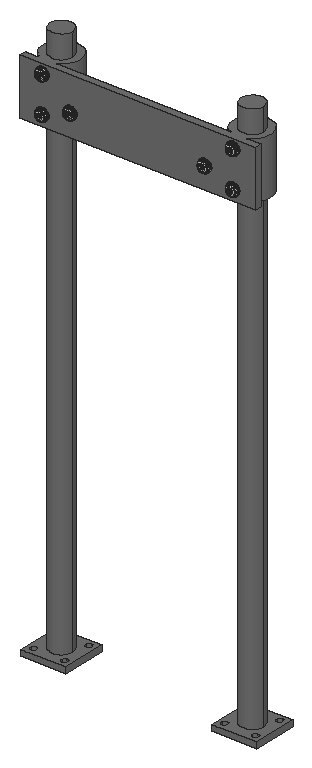
Revit family
Parameters (values of type "0800")
  Warranty = "1 year material and workmanship"
  Upright Spacing [instance] = 17"
  Weight (lb) = 0
  URL = "http://JRSmith.com"
  Technical and Installation = "http://www.jrsmith.com/products/lav/techdata/td_index.htm"
  SmartBIM Object Version = 3  # constant formula
  SmartBIM Object Created By = "Reed Construction Data"  # constant formula
  Product URL = "http://www.jrsmith.com/products/lav/submittal/d0800b.pdf"
  OmniClass Title = "Commercial Lavatories and Sinks"
  OmniClass Code = "22-22 42 16"
  Model = "0800"
  Max. Static Load = ""
  Material Finish = "Cast Iron"  # constant formula
  Material = "Duco Coated"  # constant formula
  Manufacturer = "Jay R. Smith Mfg. Co. "
  Description = "Pro-Set Lavatory, Fountain and Electric Water Cooler Supports - Floor Mounted"
  Connection Type = ""
  Bolts = Stainless Steel Polished Brushed
  Back Panel Visibility = no
  Hanger Height [instance] = 45"
  Default Elevation = 48"
  Assembly Code = "D2010310"
  95 CSI = ""
  04 CSI = ""
Reference planes (in)
  plane 1: z = 0
  plane 2 "Center (Left/Right)": x = -27.5
  plane 3 "Center (Front/Back)": y = 10.375
  plane 4: x = -19
  plane 5: x = -36
  plane 6: y = 8.375
  plane 7: y = 12.375
  plane 8: z = 0.5
  plane 9: z = 50
  plane 10: z = 45.5
  plane 11: y = 8.875
  plane 12: x = -17
  plane 13: x = -38
  plane 14: y = 8.25
  plane 15: x = -27.5
  plane 16: x = -21.5
  plane 17: x = -33.5
  plane 18: z = 43
  plane 19: y = 11.875
Forms (in)
  Extrusion 1, solid, material "Duco Coated"
    sketch origin (0, 0, 0.78125) x (1, 0, 0) y (0, 1, 0)
      loop
        line (-38, 12.375) -> (-38, 8.375) -> (-34, 8.375) -> (-34, 12.375) -> (-38, 12.375)
      loop
        circle (-34.625, 11.75) r 0.28125
      loop
        line (-17, 12.375) -> (-21, 12.375) -> (-21, 8.375) -> (-17, 8.375) -> (-17, 12.375)
      loop
        circle (-37.375, 11.75) r 0.28125
      loop
        circle (-34.625, 9) r 0.28125
      loop
        circle (-37.375, 9) r 0.28125
      loop
        circle (-20.375, 11.75) r 0.28125
      loop
        circle (-17.625, 11.75) r 0.28125
      loop
        circle (-20.375, 9) r 0.28125
      loop
        circle (-17.625, 9) r 0.28125
    from -0.78125 to -0.28125
  Extrusion 2, solid, material "Duco Coated"
    sketch origin (0, 0, 0.5) x (1, 0, 0) y (0, 1, 0)
      loop
        circle (-36, 10.375) r 1
      loop
        circle (-19, 10.375) r 1
    from 0 to 49.5
  Extrusion 3, solid, material "Duco Coated"
    sketch origin (-0.22187, 8.875, 17.125) x (1, 0, 0) y (0, 0, 1)
      loop
        line (-37.77813, 25.875) -> (-16.77813, 25.875) -> (-16.77813, 30.875) -> (-37.77813, 30.875) -> (-37.77813, 25.875)
    from 0 to 0.625
  Revolve 4, solid, material "Stainless Steel Polished Brushed" <- "Bolts"
    sketch origin (-36, -4, 18.0625) x (0, 1, 0) y (0, 0, 1)
      loop
        line (11.74434, 29.1875) -> (12.875, 29.1875) -> (12.875, 29.4375) -> (12.25011, 29.4375) -> (12.25011, 29.7488)
        arc (12.25011, 29.7488) -> (12.22907, 29.74835) -> (12.20807, 29.74702) r 0.49939
        arc (12.20807, 29.74702) -> (12.191, 29.74528) -> (12.174, 29.74296) r 0.49939
        arc (12.174, 29.74296) -> (12.1506, 29.73876) -> (12.12743, 29.73346) r 0.49938
        arc (12.12743, 29.73346) -> (12.1102, 29.72875) -> (12.09315, 29.72343) r 0.49937
        arc (12.09315, 29.72343) -> (12.07528, 29.71711) -> (12.05766, 29.71012) r 0.49936
        arc (12.05766, 29.71012) -> (12.02347, 29.69424) -> (11.99058, 29.67581) r 0.49932
        arc (11.99058, 29.67581) -> (11.96506, 29.65912) -> (11.94061, 29.64091) r 0.49928
        arc (11.94061, 29.64091) -> (11.91767, 29.62153) -> (11.89593, 29.60081) r 0.49923
        arc (11.89593, 29.60081) -> (11.8615, 29.56205) -> (11.83128, 29.51992) r 0.49914
        arc (11.83128, 29.51992) -> (11.80942, 29.48237) -> (11.79092, 29.44306) r 0.49907
        arc (11.79092, 29.44306) -> (11.7813, 29.4184) -> (11.773, 29.39327) r 0.49907
        arc (11.773, 29.39327) -> (11.76496, 29.36403) -> (11.75871, 29.33436) r 0.49932
        arc (11.75871, 29.33436) -> (11.75233, 29.29542) -> (11.74903, 29.2561) r 0.50033
        arc (11.74903, 29.2561) -> (11.74552, 29.22188) -> (11.74434, 29.1875) r 0.50389
      axis (12.875, 29.1875) -> (11.74434, 29.1875)
    angle from 0 to 360
  Revolve 5, solid, material "Stainless Steel Polished Brushed" <- "Bolts"
    sketch origin (-36, -4, 17.125) x (0, 1, 0) y (0, 0, 1)
      loop
        arc (11.74434, 26.875) -> (11.74552, 26.84062) -> (11.74903, 26.8064) r 0.50389
        arc (11.74903, 26.8064) -> (11.75233, 26.76708) -> (11.75871, 26.72814) r 0.50033
        arc (11.75871, 26.72814) -> (11.76496, 26.69847) -> (11.773, 26.66923) r 0.49932
        arc (11.773, 26.66923) -> (11.7813, 26.6441) -> (11.79092, 26.61944) r 0.49907
        arc (11.79092, 26.61944) -> (11.80942, 26.58013) -> (11.83128, 26.54258) r 0.49907
        arc (11.83128, 26.54258) -> (11.8615, 26.50045) -> (11.89593, 26.46169) r 0.49914
        arc (11.89593, 26.46169) -> (11.91767, 26.44097) -> (11.94061, 26.42159) r 0.49923
        arc (11.94061, 26.42159) -> (11.96506, 26.40338) -> (11.99058, 26.38669) r 0.49928
        arc (11.99058, 26.38669) -> (12.02347, 26.36826) -> (12.05766, 26.35238) r 0.49932
        arc (12.05766, 26.35238) -> (12.07528, 26.34539) -> (12.09315, 26.33907) r 0.49936
        arc (12.09315, 26.33907) -> (12.1102, 26.33375) -> (12.12743, 26.32904) r 0.49937
        arc (12.12743, 26.32904) -> (12.1506, 26.32374) -> (12.174, 26.31954) r 0.49938
        arc (12.174, 26.31954) -> (12.191, 26.31722) -> (12.20807, 26.31548) r 0.49939
        arc (12.20807, 26.31548) -> (12.22907, 26.31415) -> (12.25011, 26.3137) r 0.49939
        line (12.25011, 26.3137) -> (12.25011, 26.625) -> (12.875, 26.625) -> (12.875, 26.875) -> (11.74434, 26.875)
      axis (12.875, 26.875) -> (11.74434, 26.875)
    angle from 0 to 360
  Revolve 6, solid, material "Stainless Steel Polished Brushed" <- "Bolts"
    sketch origin (-19, -4, 17.0625) x (0, 1, 0) y (0, 0, 1)
      loop
        line (11.74434, 30.18529) -> (12.875, 30.18529) -> (12.875, 30.43529) -> (12.25011, 30.43529) -> (12.25011, 30.74659)
        arc (12.25011, 30.74659) -> (12.22907, 30.74615) -> (12.20807, 30.74482) r 0.49939
        arc (12.20807, 30.74482) -> (12.191, 30.74308) -> (12.174, 30.74075) r 0.49939
        arc (12.174, 30.74075) -> (12.1506, 30.73656) -> (12.12743, 30.73126) r 0.49938
        arc (12.12743, 30.73126) -> (12.1102, 30.72655) -> (12.09315, 30.72123) r 0.49937
        arc (12.09315, 30.72123) -> (12.07528, 30.71491) -> (12.05766, 30.70792) r 0.49936
        arc (12.05766, 30.70792) -> (12.02347, 30.69203) -> (11.99058, 30.67361) r 0.49932
        arc (11.99058, 30.67361) -> (11.96506, 30.65692) -> (11.94061, 30.6387) r 0.49928
        arc (11.94061, 30.6387) -> (11.91767, 30.61932) -> (11.89593, 30.5986) r 0.49923
        arc (11.89593, 30.5986) -> (11.8615, 30.55984) -> (11.83128, 30.51772) r 0.49914
        arc (11.83128, 30.51772) -> (11.80942, 30.48017) -> (11.79092, 30.44086) r 0.49907
        arc (11.79092, 30.44086) -> (11.7813, 30.4162) -> (11.773, 30.39106) r 0.49907
        arc (11.773, 30.39106) -> (11.76496, 30.36182) -> (11.75871, 30.33215) r 0.49932
        arc (11.75871, 30.33215) -> (11.75233, 30.29322) -> (11.74903, 30.2539) r 0.50033
        arc (11.74903, 30.2539) -> (11.74552, 30.21968) -> (11.74434, 30.18529) r 0.50389
      axis (12.875, 30.18529) -> (11.74434, 30.18529)
    angle from 0 to 360
  Revolve 7, solid, material "Stainless Steel Polished Brushed" <- "Bolts"
    sketch origin (-19, -4, 17.375) x (0, 1, 0) y (0, 0, 1)
      loop
        arc (11.74434, 26.625) -> (11.74552, 26.59062) -> (11.74903, 26.5564) r 0.50389
        arc (11.74903, 26.5564) -> (11.75233, 26.51708) -> (11.75871, 26.47814) r 0.50033
        arc (11.75871, 26.47814) -> (11.76496, 26.44847) -> (11.773, 26.41923) r 0.49932
        arc (11.773, 26.41923) -> (11.7813, 26.3941) -> (11.79092, 26.36944) r 0.49907
        arc (11.79092, 26.36944) -> (11.80942, 26.33013) -> (11.83128, 26.29258) r 0.49907
        arc (11.83128, 26.29258) -> (11.8615, 26.25045) -> (11.89593, 26.21169) r 0.49914
        arc (11.89593, 26.21169) -> (11.91767, 26.19097) -> (11.94061, 26.17159) r 0.49923
        arc (11.94061, 26.17159) -> (11.96506, 26.15338) -> (11.99058, 26.13669) r 0.49928
        arc (11.99058, 26.13669) -> (12.02347, 26.11826) -> (12.05766, 26.10238) r 0.49932
        arc (12.05766, 26.10238) -> (12.07528, 26.09539) -> (12.09315, 26.08907) r 0.49936
        arc (12.09315, 26.08907) -> (12.1102, 26.08375) -> (12.12743, 26.07904) r 0.49937
        arc (12.12743, 26.07904) -> (12.1506, 26.07374) -> (12.174, 26.06954) r 0.49938
        arc (12.174, 26.06954) -> (12.191, 26.06722) -> (12.20807, 26.06548) r 0.49939
        arc (12.20807, 26.06548) -> (12.22907, 26.06415) -> (12.25011, 26.0637) r 0.49939
        line (12.25011, 26.0637) -> (12.25011, 26.375) -> (12.875, 26.375) -> (12.875, 26.625) -> (11.74434, 26.625)
      axis (12.875, 26.625) -> (11.74434, 26.625)
    angle from 0 to 360
  Revolve 8, solid, material "Stainless Steel Polished Brushed" <- "Bolts"
    sketch origin (-33.5, -180, 75.40244) x (0, 0, 1) y (0, -1, 0)
      loop
        arc (-30.40244, -187.74434) -> (-30.43682, -187.74552) -> (-30.47104, -187.74903) r 0.50389
        arc (-30.47104, -187.74903) -> (-30.51036, -187.75233) -> (-30.5493, -187.75871) r 0.50033
        arc (-30.5493, -187.75871) -> (-30.57897, -187.76496) -> (-30.60821, -187.773) r 0.49932
        arc (-30.60821, -187.773) -> (-30.63334, -187.7813) -> (-30.658, -187.79092) r 0.49907
        arc (-30.658, -187.79092) -> (-30.69731, -187.80942) -> (-30.73486, -187.83128) r 0.49907
        arc (-30.73486, -187.83128) -> (-30.77699, -187.8615) -> (-30.81575, -187.89593) r 0.49914
        arc (-30.81575, -187.89593) -> (-30.83647, -187.91767) -> (-30.85584, -187.94061) r 0.49923
        arc (-30.85584, -187.94061) -> (-30.87406, -187.96506) -> (-30.89075, -187.99058) r 0.49928
        arc (-30.89075, -187.99058) -> (-30.90917, -188.02347) -> (-30.92506, -188.05766) r 0.49932
        arc (-30.92506, -188.05766) -> (-30.93205, -188.07528) -> (-30.93837, -188.09315) r 0.49936
        arc (-30.93837, -188.09315) -> (-30.94369, -188.1102) -> (-30.9484, -188.12743) r 0.49937
        arc (-30.9484, -188.12743) -> (-30.9537, -188.1506) -> (-30.95789, -188.174) r 0.49938
        arc (-30.95789, -188.174) -> (-30.96022, -188.191) -> (-30.96196, -188.20807) r 0.49939
        arc (-30.96196, -188.20807) -> (-30.96329, -188.22907) -> (-30.96374, -188.25011) r 0.49939
        line (-30.96374, -188.25011) -> (-30.65244, -188.25011) -> (-30.65244, -188.875) -> (-30.40244, -188.875) -> (-30.40244, -187.74434)
      axis (-30.40244, -188.875) -> (-30.40244, -187.74434)
    angle from 0 to 360
  Revolve 9, solid, material "Stainless Steel Polished Brushed" <- "Bolts"
    sketch origin (-21.5, -180, 75.40244) x (0, 0, 1) y (0, -1, 0)
      loop
        arc (-30.40244, -187.74434) -> (-30.43682, -187.74552) -> (-30.47104, -187.74903) r 0.50389
        arc (-30.47104, -187.74903) -> (-30.51036, -187.75233) -> (-30.5493, -187.75871) r 0.50033
        arc (-30.5493, -187.75871) -> (-30.57897, -187.76496) -> (-30.60821, -187.773) r 0.49932
        arc (-30.60821, -187.773) -> (-30.63334, -187.7813) -> (-30.658, -187.79092) r 0.49907
        arc (-30.658, -187.79092) -> (-30.69731, -187.80942) -> (-30.73486, -187.83128) r 0.49907
        arc (-30.73486, -187.83128) -> (-30.77699, -187.8615) -> (-30.81575, -187.89593) r 0.49914
        arc (-30.81575, -187.89593) -> (-30.83647, -187.91767) -> (-30.85584, -187.94061) r 0.49923
        arc (-30.85584, -187.94061) -> (-30.87406, -187.96506) -> (-30.89075, -187.99058) r 0.49928
        arc (-30.89075, -187.99058) -> (-30.90917, -188.02347) -> (-30.92506, -188.05766) r 0.49932
        arc (-30.92506, -188.05766) -> (-30.93205, -188.07528) -> (-30.93837, -188.09315) r 0.49936
        arc (-30.93837, -188.09315) -> (-30.94369, -188.1102) -> (-30.9484, -188.12743) r 0.49937
        arc (-30.9484, -188.12743) -> (-30.9537, -188.1506) -> (-30.95789, -188.174) r 0.49938
        arc (-30.95789, -188.174) -> (-30.96022, -188.191) -> (-30.96196, -188.20807) r 0.49939
        arc (-30.96196, -188.20807) -> (-30.96329, -188.22907) -> (-30.96374, -188.25011) r 0.49939
        line (-30.96374, -188.25011) -> (-30.65244, -188.25011) -> (-30.65244, -188.875) -> (-30.40244, -188.875) -> (-30.40244, -187.74434)
      axis (-30.40244, -188.875) -> (-30.40244, -187.74434)
    angle from 0 to 360
  Extrusion 10, solid, material "Duco Coated"
    sketch origin (0, 0, 67.75) x (0, -1, 0) y (-1, 0, 0)
      loop
        line (-8.875, 35.25) -> (-8.875, 36.75)
        arc (-8.875, 36.75) -> (-12.05205, 36) -> (-8.875, 35.25) r 1.67705
      loop
        arc (-10.375, 35) -> (-9.57962, 36) -> (-10.375, 37) r 1.02632
        arc (-10.375, 37) -> (-11.375, 36) -> (-10.375, 35) r 1
    from 19.75 to 24.75
  Extrusion 11, solid, material "Duco Coated"
    sketch origin (-55, 0, 67.75) x (0, 1, 0) y (1, 0, 0)
      loop
        arc (8.875, 35.25) -> (12.05205, 36) -> (8.875, 36.75) r 1.67705
        line (8.875, 36.75) -> (8.875, 35.25)
      loop
        arc (10.375, 37) -> (9.57962, 36) -> (10.375, 35) r 1.02632
        arc (10.375, 35) -> (11.375, 36) -> (10.375, 37) r 1
    from 19.75 to 24.75
  Extrusion 12, solid, material "Duco Coated", visible <- "Back Panel Visibility"
    sketch origin (-0.22187, 11.375, 17.125) x (1, 0, 0) y (0, 0, -1)
      loop
        line (-37.77813, -25.875) -> (-37.77813, -30.875) -> (-16.77813, -30.875) -> (-16.77813, -25.875) -> (-37.77813, -25.875)
    from 0.5 to 1
  Revolve 13, solid, material "Stainless Steel Polished Brushed" <- "Bolts", visible <- "Back Panel Visibility"
    sketch origin (-19, 24.62511, -1.62721) x (0, -1, 0) y (0, 0, -1)
      loop
        arc (11.74434, -48.875) -> (11.74552, -48.90938) -> (11.74903, -48.9436) r 0.50389
        arc (11.74903, -48.9436) -> (11.75233, -48.98292) -> (11.75871, -49.02186) r 0.50033
        arc (11.75871, -49.02186) -> (11.76496, -49.05153) -> (11.773, -49.08077) r 0.49932
        arc (11.773, -49.08077) -> (11.7813, -49.1059) -> (11.79092, -49.13056) r 0.49907
        arc (11.79092, -49.13056) -> (11.80942, -49.16987) -> (11.83128, -49.20742) r 0.49907
        arc (11.83128, -49.20742) -> (11.8615, -49.24955) -> (11.89593, -49.28831) r 0.49914
        arc (11.89593, -49.28831) -> (11.91767, -49.30903) -> (11.94061, -49.32841) r 0.49923
        arc (11.94061, -49.32841) -> (11.96506, -49.34662) -> (11.99058, -49.36331) r 0.49928
        arc (11.99058, -49.36331) -> (12.02347, -49.38174) -> (12.05766, -49.39762) r 0.49932
        arc (12.05766, -49.39762) -> (12.07528, -49.40461) -> (12.09315, -49.41093) r 0.49936
        arc (12.09315, -49.41093) -> (12.1102, -49.41625) -> (12.12743, -49.42096) r 0.49937
        arc (12.12743, -49.42096) -> (12.1506, -49.42626) -> (12.174, -49.43046) r 0.49938
        arc (12.174, -49.43046) -> (12.191, -49.43278) -> (12.20807, -49.43452) r 0.49939
        arc (12.20807, -49.43452) -> (12.22907, -49.43585) -> (12.25011, -49.4363) r 0.49939
        line (12.25011, -49.4363) -> (12.25011, -49.125) -> (12.875, -49.125) -> (12.875, -48.875) -> (11.74434, -48.875)
      axis (12.875, -48.875) -> (11.74434, -48.875)
    angle from 0 to 360
  Revolve 14, solid, material "Stainless Steel Polished Brushed" <- "Bolts", visible <- "Back Panel Visibility"
    sketch origin (-19, 24.625, 0) x (0, -1, 0) y (0, 0, -1)
      loop
        line (11.74434, -44) -> (12.875, -44) -> (12.875, -43.75) -> (12.25011, -43.75) -> (12.25011, -43.4387)
        arc (12.25011, -43.4387) -> (12.22907, -43.43915) -> (12.20807, -43.44048) r 0.49939
        arc (12.20807, -43.44048) -> (12.191, -43.44222) -> (12.174, -43.44454) r 0.49939
        arc (12.174, -43.44454) -> (12.1506, -43.44874) -> (12.12743, -43.45404) r 0.49938
        arc (12.12743, -43.45404) -> (12.1102, -43.45875) -> (12.09315, -43.46407) r 0.49937
        arc (12.09315, -43.46407) -> (12.07528, -43.47039) -> (12.05766, -43.47738) r 0.49936
        arc (12.05766, -43.47738) -> (12.02347, -43.49326) -> (11.99058, -43.51169) r 0.49932
        arc (11.99058, -43.51169) -> (11.96506, -43.52838) -> (11.94061, -43.54659) r 0.49928
        arc (11.94061, -43.54659) -> (11.91767, -43.56597) -> (11.89593, -43.58669) r 0.49923
        arc (11.89593, -43.58669) -> (11.8615, -43.62545) -> (11.83128, -43.66758) r 0.49914
        arc (11.83128, -43.66758) -> (11.80942, -43.70513) -> (11.79092, -43.74444) r 0.49907
        arc (11.79092, -43.74444) -> (11.7813, -43.7691) -> (11.773, -43.79423) r 0.49907
        arc (11.773, -43.79423) -> (11.76496, -43.82347) -> (11.75871, -43.85314) r 0.49932
        arc (11.75871, -43.85314) -> (11.75233, -43.89208) -> (11.74903, -43.9314) r 0.50033
        arc (11.74903, -43.9314) -> (11.74552, -43.96562) -> (11.74434, -44) r 0.50389
      axis (12.875, -44) -> (11.74434, -44)
    angle from 0 to 360
  Revolve 15, solid, material "Stainless Steel Polished Brushed" <- "Bolts", visible <- "Back Panel Visibility"
    sketch origin (-21.5, 200.625, 75.40244) x (0, 0, 1) y (0, -1, 0)
      loop
        line (-29.90244, 187.74434) -> (-29.90244, 188.75) -> (-30.15244, 188.75) -> (-30.15244, 188.25011) -> (-30.46374, 188.25011)
        arc (-30.46374, 188.25011) -> (-30.46329, 188.22907) -> (-30.46196, 188.20807) r 0.49939
        arc (-30.46196, 188.20807) -> (-30.46022, 188.191) -> (-30.45789, 188.174) r 0.49939
        arc (-30.45789, 188.174) -> (-30.4537, 188.1506) -> (-30.4484, 188.12743) r 0.49938
        arc (-30.4484, 188.12743) -> (-30.44369, 188.1102) -> (-30.43837, 188.09315) r 0.49937
        arc (-30.43837, 188.09315) -> (-30.43205, 188.07528) -> (-30.42506, 188.05766) r 0.49936
        arc (-30.42506, 188.05766) -> (-30.40917, 188.02347) -> (-30.39075, 187.99058) r 0.49932
        arc (-30.39075, 187.99058) -> (-30.37406, 187.96506) -> (-30.35584, 187.94061) r 0.49928
        arc (-30.35584, 187.94061) -> (-30.33647, 187.91767) -> (-30.31575, 187.89593) r 0.49923
        arc (-30.31575, 187.89593) -> (-30.27699, 187.8615) -> (-30.23486, 187.83128) r 0.49914
        arc (-30.23486, 187.83128) -> (-30.19731, 187.80942) -> (-30.158, 187.79092) r 0.49907
        arc (-30.158, 187.79092) -> (-30.13334, 187.7813) -> (-30.10821, 187.773) r 0.49907
        arc (-30.10821, 187.773) -> (-30.07897, 187.76496) -> (-30.0493, 187.75871) r 0.49932
        arc (-30.0493, 187.75871) -> (-30.01036, 187.75233) -> (-29.97104, 187.74903) r 0.50033
        arc (-29.97104, 187.74903) -> (-29.93682, 187.74552) -> (-29.90244, 187.74434) r 0.50389
      axis (-29.90244, 188.75) -> (-29.90244, 187.74434)
    angle from 0 to 360
  Revolve 16, solid, material "Stainless Steel Polished Brushed" <- "Bolts", visible <- "Back Panel Visibility"
    sketch origin (-33.5, 200.625, 75.40244) x (0, 0, 1) y (0, -1, 0)
      loop
        line (-29.90244, 187.74434) -> (-29.90244, 188.75) -> (-30.15244, 188.75) -> (-30.15244, 188.25011) -> (-30.46374, 188.25011)
        arc (-30.46374, 188.25011) -> (-30.46329, 188.22907) -> (-30.46196, 188.20807) r 0.49939
        arc (-30.46196, 188.20807) -> (-30.46022, 188.191) -> (-30.45789, 188.174) r 0.49939
        arc (-30.45789, 188.174) -> (-30.4537, 188.1506) -> (-30.4484, 188.12743) r 0.49938
        arc (-30.4484, 188.12743) -> (-30.44369, 188.1102) -> (-30.43837, 188.09315) r 0.49937
        arc (-30.43837, 188.09315) -> (-30.43205, 188.07528) -> (-30.42506, 188.05766) r 0.49936
        arc (-30.42506, 188.05766) -> (-30.40917, 188.02347) -> (-30.39075, 187.99058) r 0.49932
        arc (-30.39075, 187.99058) -> (-30.37406, 187.96506) -> (-30.35584, 187.94061) r 0.49928
        arc (-30.35584, 187.94061) -> (-30.33647, 187.91767) -> (-30.31575, 187.89593) r 0.49923
        arc (-30.31575, 187.89593) -> (-30.27699, 187.8615) -> (-30.23486, 187.83128) r 0.49914
        arc (-30.23486, 187.83128) -> (-30.19731, 187.80942) -> (-30.158, 187.79092) r 0.49907
        arc (-30.158, 187.79092) -> (-30.13334, 187.7813) -> (-30.10821, 187.773) r 0.49907
        arc (-30.10821, 187.773) -> (-30.07897, 187.76496) -> (-30.0493, 187.75871) r 0.49932
        arc (-30.0493, 187.75871) -> (-30.01036, 187.75233) -> (-29.97104, 187.74903) r 0.50033
        arc (-29.97104, 187.74903) -> (-29.93682, 187.74552) -> (-29.90244, 187.74434) r 0.50389
      axis (-29.90244, 188.75) -> (-29.90244, 187.74434)
    angle from 0 to 360
  Revolve 17, solid, material "Stainless Steel Polished Brushed" <- "Bolts", visible <- "Back Panel Visibility"
    sketch origin (-36, 24.625, 16.43529) x (0, -1, 0) y (0, 0, -1)
      loop
        arc (11.74434, -30.8125) -> (11.74552, -30.84688) -> (11.74903, -30.8811) r 0.50389
        arc (11.74903, -30.8811) -> (11.75233, -30.92042) -> (11.75871, -30.95936) r 0.50033
        arc (11.75871, -30.95936) -> (11.76496, -30.98903) -> (11.773, -31.01827) r 0.49932
        arc (11.773, -31.01827) -> (11.7813, -31.0434) -> (11.79092, -31.06806) r 0.49907
        arc (11.79092, -31.06806) -> (11.80942, -31.10737) -> (11.83128, -31.14492) r 0.49907
        arc (11.83128, -31.14492) -> (11.8615, -31.18705) -> (11.89593, -31.22581) r 0.49914
        arc (11.89593, -31.22581) -> (11.91767, -31.24653) -> (11.94061, -31.26591) r 0.49923
        arc (11.94061, -31.26591) -> (11.96506, -31.28412) -> (11.99058, -31.30081) r 0.49928
        arc (11.99058, -31.30081) -> (12.02347, -31.31924) -> (12.05766, -31.33512) r 0.49932
        arc (12.05766, -31.33512) -> (12.07528, -31.34211) -> (12.09315, -31.34843) r 0.49936
        arc (12.09315, -31.34843) -> (12.1102, -31.35375) -> (12.12743, -31.35846) r 0.49937
        arc (12.12743, -31.35846) -> (12.1506, -31.36376) -> (12.174, -31.36796) r 0.49938
        arc (12.174, -31.36796) -> (12.191, -31.37028) -> (12.20807, -31.37202) r 0.49939
        arc (12.20807, -31.37202) -> (12.22907, -31.37335) -> (12.25011, -31.3738) r 0.49939
        line (12.25011, -31.3738) -> (12.25011, -31.0625) -> (12.875, -31.0625) -> (12.875, -30.8125) -> (11.74434, -30.8125)
      axis (12.875, -30.8125) -> (11.74434, -30.8125)
    angle from 0 to 360
  Revolve 18, solid, material "Stainless Steel Polished Brushed" <- "Bolts", visible <- "Back Panel Visibility"
    sketch origin (-36, 24.625, 17.125) x (0, -1, 0) y (0, 0, -1)
      loop
        line (11.74434, -26.875) -> (12.875, -26.875) -> (12.875, -26.625) -> (12.25011, -26.625) -> (12.25011, -26.3137)
        arc (12.25011, -26.3137) -> (12.22907, -26.31415) -> (12.20807, -26.31548) r 0.49939
        arc (12.20807, -26.31548) -> (12.191, -26.31722) -> (12.174, -26.31954) r 0.49939
        arc (12.174, -26.31954) -> (12.1506, -26.32374) -> (12.12743, -26.32904) r 0.49938
        arc (12.12743, -26.32904) -> (12.1102, -26.33375) -> (12.09315, -26.33907) r 0.49937
        arc (12.09315, -26.33907) -> (12.07528, -26.34539) -> (12.05766, -26.35238) r 0.49936
        arc (12.05766, -26.35238) -> (12.02347, -26.36826) -> (11.99058, -26.38669) r 0.49932
        arc (11.99058, -26.38669) -> (11.96506, -26.40338) -> (11.94061, -26.42159) r 0.49928
        arc (11.94061, -26.42159) -> (11.91767, -26.44097) -> (11.89593, -26.46169) r 0.49923
        arc (11.89593, -26.46169) -> (11.8615, -26.50045) -> (11.83128, -26.54258) r 0.49914
        arc (11.83128, -26.54258) -> (11.80942, -26.58013) -> (11.79092, -26.61944) r 0.49907
        arc (11.79092, -26.61944) -> (11.7813, -26.6441) -> (11.773, -26.66923) r 0.49907
        arc (11.773, -26.66923) -> (11.76496, -26.69847) -> (11.75871, -26.72814) r 0.49932
        arc (11.75871, -26.72814) -> (11.75233, -26.76708) -> (11.74903, -26.8064) r 0.50033
        arc (11.74903, -26.8064) -> (11.74552, -26.84062) -> (11.74434, -26.875) r 0.50389
      axis (12.875, -26.875) -> (11.74434, -26.875)
    angle from 0 to 360
Cuts and joins
  joined: Extrusion 1, Extrusion 2, Extrusion 3, Extrusion 10, Extrusion 11
Lines and regions (in)
  symbolic lines
    curve 1: line (-38, 12.375, 0) -> (-17, 12.375, 0)
    curve 2: line (-38, 8.25, 0) -> (-38, 12.375, 0)
    curve 3: line (-17, 8.25, 0) -> (-38, 8.25, 0)
    curve 4: line (-17, 12.375, 0) -> (-17, 8.25, 0)
    curve 5: circle (-36, 10.375, 0) r 1 normal (0, 0, 1)
    curve 6: circle (-19, 10.375, 0) r 1 normal (0, 0, 1)
    curve 7: circle (-19, 10.375, 0) r 1.67705 normal (0, 0, 1)
    curve 8: circle (-36, 10.375, 0) r 1.67705 normal (0, 0, 1)
Dimensions and locks (in)
  equal spacing: plane 5, plane 2 "Center (Left/Right)", plane 4
  "Upright Spacing": plane 5 to plane 4
  equal spacing: plane 7, plane 3 "Center (Front/Back)", plane 6
  locked: plane 7 to plane 6 at 4
  equal spacing: Extrusion 1 sketch curve, plane 5, Extrusion 1 sketch curve  (x3)
  locked: Extrusion 1 sketch curve to Extrusion 1 sketch curve at 4  (x2)
  equal spacing: Extrusion 1 sketch curve, plane 4, Extrusion 1 sketch curve  (x3)
  locked: plane 8 to plane 1 at 0.5
  locked: Extrusion 1 sketch curve to Extrusion 1 sketch curve at 2.75  (x5)
  "Hanger Height": plane 10 to plane 8
  locked: plane 6 to plane 11 at 0.5
  locked: plane 13 to plane 5 at 2
  locked: plane 4 to plane 12 at 2
  locked: plane 14 to plane 6 at 0.125
  locked: Extrusion 3 to Revolve 4 sketch curve at 0.5
  locked: Revolve 4 sketch curve to Revolve 4 sketch curve at 0.25
  locked: Revolve 5 sketch curve to Revolve 5 sketch curve at 0.25
  locked: Revolve 6 sketch curve to Revolve 6 sketch curve at 0.25
  locked: Revolve 7 sketch curve to Revolve 7 sketch curve at 0.25
  locked: Revolve 8 sketch curve to Revolve 8 sketch curve at 0.25
  locked: Revolve 9 sketch curve to Revolve 9 sketch curve at 0.25
  locked: Extrusion 3 sketch curve to Extrusion 3 sketch curve at 5
  equal spacing: Extrusion 3 sketch curve, plane 10, Extrusion 3 sketch curve, locked at 2.5 each
  locked: Extrusion 3 to Revolve 7 sketch curve at 1
  locked: plane 10 to plane 18 at 2.5
  locked: plane 18 to Revolve 8 sketch curve at 2
  locked: plane 18 to Revolve 9 sketch curve at 2
  locked: plane 7 to plane 19 at 0.5
  locked: Revolve 13 sketch curve to Revolve 13 sketch curve at 0.25
  locked: Revolve 14 sketch curve to Revolve 14 sketch curve at 0.25
  locked: Revolve 15 sketch curve to Revolve 15 sketch curve at 0.25
  locked: Revolve 16 sketch curve to Revolve 16 sketch curve at 0.25
  locked: Revolve 17 sketch curve to Revolve 17 sketch curve at 0.25
  locked: Revolve 18 sketch curve to Revolve 18 sketch curve at 0.25
  locked: cut or joined group of Extrusion 1, Extrusion 2, Extrusion 3, Extrusion 10, Extrusion 11 to Extrusion 12 sketch curve at 5
  locked: Revolve 6 sketch curve to plane 10 at 1.74779
  locked: Revolve 17 sketch curve to plane 10 at 1.74779
  locked: Revolve 13 sketch curve to plane 10 at 1.74779
  equal spacing: Extrusion 1 sketch curve, plane 3 "Center (Front/Back)", Extrusion 1 sketch curve
  locked: plane 11 to Extrusion 1 sketch curve at 0.125  (x2)
  locked: Extrusion 1 sketch curve to plane 19 at 0.125  (x2)
  Extrusion 1 sketch curve to Extrusion 1 sketch curve to plane 19 = 2 3/4" locked, 1/8" locked
  locked: plane 9 to plane 10 at 4.5
  locked: plane 5 to plane 17 at 2.5
  locked: plane 16 to plane 4 at 2.5
  plane 9 to level = 50"
  aligned and locked: level to plane 1
  aligned and locked: plane 7 to Extrusion 1 sketch curve
  aligned and locked: plane 6 to Extrusion 1 sketch curve
  aligned and locked: Extrusion 1 sketch curve to plane 6
  aligned and locked: Extrusion 1 sketch curve to plane 7
  aligned and locked: Extrusion 1 to level
  aligned and locked: plane 8 to Extrusion 1
  aligned and locked: plane 5 to Extrusion 2 sketch curve
  aligned and locked: plane 3 "Center (Front/Back)" to Extrusion 2 sketch curve  (x2)
  aligned and locked: plane 4 to Extrusion 2 sketch curve
  aligned and locked: plane 9 to Extrusion 2
  aligned and locked: Extrusion 2 to plane 8
  aligned and locked: plane 12 to Extrusion 1
  aligned and locked: plane 13 to Extrusion 1
  aligned and locked: plane 2 "Center (Left/Right)" to plane 15
  aligned and locked: Revolve 4 sketch curve to Revolve 4 sketch curve
  aligned and locked: Revolve 5 sketch curve to Revolve 5 sketch curve
  aligned and locked: Revolve 6 sketch curve to Revolve 6 sketch curve
  aligned and locked: Revolve 7 sketch curve to Revolve 7 sketch curve
  aligned and locked: Revolve 8 sketch curve to Revolve 8 sketch curve
  aligned and locked: Revolve 9 sketch curve to Revolve 9 sketch curve
  aligned and locked: Extrusion 1 to Extrusion 3
  aligned and locked: Extrusion 3 to Extrusion 1
  aligned and locked: Extrusion 10 to plane 18
  aligned and locked: cut or joined group of Extrusion 1, Extrusion 2, Extrusion 3, Extrusion 10, Extrusion 11 to Extrusion 10
  aligned and locked: Extrusion 11 to plane 18
  aligned and locked: Extrusion 11 to cut or joined group of Extrusion 1, Extrusion 2, Extrusion 3, Extrusion 10, Extrusion 11
  aligned and locked: plane 11 to Extrusion 11 sketch curve
  aligned and locked: Extrusion 11 sketch curve to cut or joined group of Extrusion 1, Extrusion 2, Extrusion 3, Extrusion 10, Extrusion 11
  aligned and locked: plane 4 to Extrusion 11 sketch curve
  aligned and locked: plane 3 "Center (Front/Back)" to Extrusion 11 sketch curve
  aligned and locked: plane 12 to Extrusion 12
  aligned and locked: plane 13 to Extrusion 12
  aligned and locked: plane 19 to Extrusion 12
  aligned and locked: plane 7 to Extrusion 12
  aligned and locked: Revolve 13 sketch curve to Revolve 13 sketch curve
  aligned and locked: Revolve 14 sketch curve to Revolve 14 sketch curve
  aligned and locked: Revolve 15 sketch curve to Revolve 15 sketch curve
  aligned and locked: Extrusion 12 to Revolve 15
  aligned and locked: Revolve 16 sketch curve to Revolve 16 sketch curve
  aligned and locked: Revolve 16 to Extrusion 12
  aligned and locked: Revolve 17 sketch curve to Revolve 17 sketch curve
  aligned and locked: Revolve 18 sketch curve to Revolve 18 sketch curve
  aligned and locked: plane 10 to Revolve 16 sketch curve
  aligned and locked: Revolve 15 sketch curve to plane 10
Automatic sketch dimensions
  Revolve 4 sketch curve to plane 14 = 1.67288"
  Revolve 4 sketch curve to Revolve 4 sketch curve = 1.16722"
  Revolve 4 sketch curve to Revolve 4 sketch curve = 0.00469"
  Revolve 4 sketch curve to Revolve 4 sketch curve = 0.00968"
  Revolve 4 sketch curve to Revolve 4 sketch curve = 0.01429"
  Revolve 4 sketch curve to Revolve 4 sketch curve = 0.01792"
  Revolve 4 sketch curve to Revolve 4 sketch curve = 0.04036"
  Revolve 4 sketch curve to Revolve 4 sketch curve = 0.06466"
  Revolve 4 sketch curve to Revolve 4 sketch curve = 0.04467"
  Revolve 4 sketch curve to Revolve 4 sketch curve = 0.04997"
  Revolve 4 sketch curve to Revolve 4 sketch curve = 0.06708"
  Revolve 4 sketch curve to Revolve 4 sketch curve = 0.03549"
  Revolve 4 sketch curve to Revolve 4 sketch curve = 0.03428"
  Revolve 4 sketch curve to Revolve 4 sketch curve = 0.04657"
  Revolve 4 sketch curve to Revolve 4 sketch curve = 0.03407"
  Revolve 4 sketch curve to Revolve 4 sketch curve = 129/256"
  Revolve 4 sketch curve to Revolve 4 sketch curve = 0.00065"
  Revolve 4 sketch curve to Revolve 4 sketch curve = 0.00123"
  Revolve 4 sketch curve to Revolve 4 sketch curve = 0.0001"  (x2)
  Revolve 4 sketch curve to Revolve 4 sketch curve = 0.00012"  (x3)
  Revolve 4 sketch curve to Revolve 4 sketch curve = 0.00013"
  Revolve 4 sketch curve to Revolve 4 sketch curve = 0.00008"
  Revolve 4 sketch curve to Revolve 4 sketch curve = 0.00014"
  Revolve 4 sketch curve to Revolve 4 sketch curve = 0.00028"
  Revolve 4 sketch curve to Revolve 4 sketch curve = 0.00004"  (x2)
  Revolve 4 sketch curve to Revolve 4 sketch curve = 0.00016"
  Revolve 4 sketch curve to Revolve 4 sketch curve = 0.00015"
  Revolve 4 sketch curve to Revolve 4 sketch curve = 0.62489"
  Revolve 4 sketch curve to Revolve 4 sketch curve = 0.16422"
  Revolve 4 sketch curve to Revolve 4 sketch curve = 0.04653"
  Revolve 4 sketch curve to Revolve 4 sketch curve = 0.01228"
  Revolve 4 sketch curve to Revolve 4 sketch curve = 0.0031"
  Revolve 4 sketch curve to Revolve 4 sketch curve = 0"
  Revolve 4 sketch curve to Revolve 4 sketch curve = 0.00003"  (x3)
  Revolve 4 sketch curve to Revolve 4 sketch curve = 0.00006"
  Revolve 4 sketch curve to Revolve 4 sketch curve = 0.00025"
  Revolve 4 sketch curve to Revolve 4 sketch curve = 0.00019"
  Revolve 4 sketch curve to Revolve 4 sketch curve = 0.00034"
  Revolve 5 sketch curve to plane 18 = 1"
  Revolve 5 sketch curve to plane 14 = 1.67288"
  Revolve 5 sketch curve to Revolve 5 sketch curve = 1.16722"
  Revolve 5 sketch curve to Revolve 5 sketch curve = 0.00469"
  Revolve 5 sketch curve to Revolve 5 sketch curve = 0.00968"
  Revolve 5 sketch curve to Revolve 5 sketch curve = 0.01429"
  Revolve 5 sketch curve to Revolve 5 sketch curve = 0.01792"
  Revolve 5 sketch curve to Revolve 5 sketch curve = 0.04036"
  Revolve 5 sketch curve to Revolve 5 sketch curve = 0.06466"
  Revolve 5 sketch curve to Revolve 5 sketch curve = 0.04467"
  Revolve 5 sketch curve to Revolve 5 sketch curve = 0.04997"
  Revolve 5 sketch curve to Revolve 5 sketch curve = 0.06708"
  Revolve 5 sketch curve to Revolve 5 sketch curve = 0.03549"
  Revolve 5 sketch curve to Revolve 5 sketch curve = 0.03428"
  Revolve 5 sketch curve to Revolve 5 sketch curve = 0.04657"
  Revolve 5 sketch curve to Revolve 5 sketch curve = 0.03407"
  Revolve 5 sketch curve to Revolve 5 sketch curve = 129/256"
  Revolve 5 sketch curve to Revolve 5 sketch curve = 0.00065"
  Revolve 5 sketch curve to Revolve 5 sketch curve = 0.00123"
  Revolve 5 sketch curve to Revolve 5 sketch curve = 0.0001"  (x2)
  Revolve 5 sketch curve to Revolve 5 sketch curve = 0.00012"  (x2)
  Revolve 5 sketch curve to Revolve 5 sketch curve = 0.00013"
  Revolve 5 sketch curve to Revolve 5 sketch curve = 0.00008"
  Revolve 5 sketch curve to Revolve 5 sketch curve = 0.00014"
  Revolve 5 sketch curve to Revolve 5 sketch curve = 0.00028"
  Revolve 5 sketch curve to Revolve 5 sketch curve = 0.00004"
  Revolve 5 sketch curve to Revolve 5 sketch curve = 0.00016"
  Revolve 5 sketch curve to Revolve 5 sketch curve = 0.00015"
  Revolve 5 sketch curve to Revolve 5 sketch curve = 0.62489"
  Revolve 5 sketch curve to Revolve 5 sketch curve = 0.16422"
  Revolve 5 sketch curve to Revolve 5 sketch curve = 0.18696"
  Revolve 5 sketch curve to Revolve 5 sketch curve = 0.07686"
  Revolve 5 sketch curve to Revolve 5 sketch curve = 0.08089"
  Revolve 5 sketch curve to Revolve 5 sketch curve = 0.0401"
  Revolve 5 sketch curve to Revolve 5 sketch curve = 0.03491"
  Revolve 5 sketch curve to Revolve 5 sketch curve = 0.03431"
  Revolve 5 sketch curve to Revolve 5 sketch curve = 0.01331"
  Revolve 5 sketch curve to Revolve 5 sketch curve = 0.01003"
  Revolve 5 sketch curve to Revolve 5 sketch curve = 0.00949"
  Revolve 5 sketch curve to Revolve 5 sketch curve = 0.00407"
  Revolve 5 sketch curve to Revolve 5 sketch curve = 0.00177"
  Revolve 5 sketch curve to Revolve 5 sketch curve = 0.04979"
  Revolve 5 sketch curve to Revolve 5 sketch curve = 0.05891"
  Revolve 6 sketch curve to plane 14 = 1.67288"
  Revolve 6 sketch curve to Revolve 6 sketch curve = 1.16722"
  Revolve 6 sketch curve to Revolve 6 sketch curve = 0.00469"
  Revolve 6 sketch curve to Revolve 6 sketch curve = 0.00968"
  Revolve 6 sketch curve to Revolve 6 sketch curve = 0.01429"
  Revolve 6 sketch curve to Revolve 6 sketch curve = 0.01792"
  Revolve 6 sketch curve to Revolve 6 sketch curve = 0.04036"
  Revolve 6 sketch curve to Revolve 6 sketch curve = 0.06466"
  Revolve 6 sketch curve to Revolve 6 sketch curve = 0.04467"
  Revolve 6 sketch curve to Revolve 6 sketch curve = 0.04997"
  Revolve 6 sketch curve to Revolve 6 sketch curve = 0.06708"
  Revolve 6 sketch curve to Revolve 6 sketch curve = 0.03549"
  Revolve 6 sketch curve to Revolve 6 sketch curve = 0.03428"
  Revolve 6 sketch curve to Revolve 6 sketch curve = 0.04657"
  Revolve 6 sketch curve to Revolve 6 sketch curve = 0.03407"
  Revolve 6 sketch curve to Revolve 6 sketch curve = 0.4992"
  Revolve 6 sketch curve to Revolve 6 sketch curve = 0.00065"
  Revolve 6 sketch curve to Revolve 6 sketch curve = 0.00123"
  Revolve 6 sketch curve to Revolve 6 sketch curve = 0.0001"  (x2)
  Revolve 6 sketch curve to Revolve 6 sketch curve = 0.00012"  (x3)
  Revolve 6 sketch curve to Revolve 6 sketch curve = 0.00013"
  Revolve 6 sketch curve to Revolve 6 sketch curve = 0.00008"
  Revolve 6 sketch curve to Revolve 6 sketch curve = 0.00014"
  Revolve 6 sketch curve to Revolve 6 sketch curve = 0.00028"
  Revolve 6 sketch curve to Revolve 6 sketch curve = 0.00004"  (x2)
  Revolve 6 sketch curve to Revolve 6 sketch curve = 0.00016"
  Revolve 6 sketch curve to Revolve 6 sketch curve = 0.00015"
  Revolve 6 sketch curve to Revolve 6 sketch curve = 0.62489"
  Revolve 6 sketch curve to Revolve 6 sketch curve = 0.16422"
  Revolve 6 sketch curve to Revolve 6 sketch curve = 0.04653"
  Revolve 6 sketch curve to Revolve 6 sketch curve = 0.01228"
  Revolve 6 sketch curve to Revolve 6 sketch curve = 0.0031"
  Revolve 6 sketch curve to Revolve 6 sketch curve = 0"
  Revolve 6 sketch curve to Revolve 6 sketch curve = 0.00003"  (x3)
  Revolve 6 sketch curve to Revolve 6 sketch curve = 0.00006"
  Revolve 6 sketch curve to Revolve 6 sketch curve = 0.00025"
  Revolve 6 sketch curve to Revolve 6 sketch curve = 0.00019"
  Revolve 6 sketch curve to Revolve 6 sketch curve = 0.00034"
  Revolve 7 sketch curve to plane 14 = 1.67288"
  Revolve 7 sketch curve to Revolve 7 sketch curve = 1.16722"
  Revolve 7 sketch curve to Revolve 7 sketch curve = 0.00469"
  Revolve 7 sketch curve to Revolve 7 sketch curve = 0.00968"
  Revolve 7 sketch curve to Revolve 7 sketch curve = 0.01429"
  Revolve 7 sketch curve to Revolve 7 sketch curve = 0.01792"
  Revolve 7 sketch curve to Revolve 7 sketch curve = 0.04036"
  Revolve 7 sketch curve to Revolve 7 sketch curve = 0.06466"
  Revolve 7 sketch curve to Revolve 7 sketch curve = 0.04467"
  Revolve 7 sketch curve to Revolve 7 sketch curve = 0.04997"
  Revolve 7 sketch curve to Revolve 7 sketch curve = 0.06708"
  Revolve 7 sketch curve to Revolve 7 sketch curve = 0.03549"
  Revolve 7 sketch curve to Revolve 7 sketch curve = 0.03428"
  Revolve 7 sketch curve to Revolve 7 sketch curve = 0.04657"
  Revolve 7 sketch curve to Revolve 7 sketch curve = 0.03407"
  Revolve 7 sketch curve to Revolve 7 sketch curve = 0.4992"
  Revolve 7 sketch curve to Revolve 7 sketch curve = 0.00065"
  Revolve 7 sketch curve to Revolve 7 sketch curve = 0.00123"
  Revolve 7 sketch curve to Revolve 7 sketch curve = 0.0001"  (x2)
  Revolve 7 sketch curve to Revolve 7 sketch curve = 0.00012"  (x2)
  Revolve 7 sketch curve to Revolve 7 sketch curve = 0.00013"
  Revolve 7 sketch curve to Revolve 7 sketch curve = 0.00008"
  Revolve 7 sketch curve to Revolve 7 sketch curve = 0.00014"
  Revolve 7 sketch curve to Revolve 7 sketch curve = 0.00028"
  Revolve 7 sketch curve to Revolve 7 sketch curve = 0.00004"
  Revolve 7 sketch curve to Revolve 7 sketch curve = 0.00016"
  Revolve 7 sketch curve to Revolve 7 sketch curve = 0.00015"
  Revolve 7 sketch curve to Revolve 7 sketch curve = 0.62489"
  Revolve 7 sketch curve to Revolve 7 sketch curve = 0.16422"
  Revolve 7 sketch curve to Revolve 7 sketch curve = 0.18696"
  Revolve 7 sketch curve to Revolve 7 sketch curve = 0.07686"
  Revolve 7 sketch curve to Revolve 7 sketch curve = 0.08089"
  Revolve 7 sketch curve to Revolve 7 sketch curve = 0.0401"
  Revolve 7 sketch curve to Revolve 7 sketch curve = 0.03491"
  Revolve 7 sketch curve to Revolve 7 sketch curve = 0.03431"
  Revolve 7 sketch curve to Revolve 7 sketch curve = 0.01331"
  Revolve 7 sketch curve to Revolve 7 sketch curve = 0.01003"
  Revolve 7 sketch curve to Revolve 7 sketch curve = 0.00949"
  Revolve 7 sketch curve to Revolve 7 sketch curve = 0.00407"
  Revolve 7 sketch curve to Revolve 7 sketch curve = 0.00177"
  Revolve 7 sketch curve to Revolve 7 sketch curve = 0.04979"
  Revolve 7 sketch curve to Revolve 7 sketch curve = 0.05891"
  Revolve 8 sketch curve to Revolve 8 sketch curve = 0.25556"
  Revolve 8 sketch curve to Revolve 8 sketch curve = 0.07686"
  Revolve 8 sketch curve to Revolve 8 sketch curve = 0.08089"
  Revolve 8 sketch curve to Revolve 8 sketch curve = 0.0401"
  Revolve 8 sketch curve to Revolve 8 sketch curve = 0.03491"
  Revolve 8 sketch curve to Revolve 8 sketch curve = 0.03431"
  Revolve 8 sketch curve to Revolve 8 sketch curve = 0.01331"
  Revolve 8 sketch curve to Revolve 8 sketch curve = 0.01003"
  Revolve 8 sketch curve to Revolve 8 sketch curve = 0.00949"
  Revolve 8 sketch curve to Revolve 8 sketch curve = 0.00407"
  Revolve 8 sketch curve to Revolve 8 sketch curve = 0.00177"
  Revolve 8 sketch curve to Revolve 8 sketch curve = 0.04979"
  Revolve 8 sketch curve to Revolve 8 sketch curve = 0.05891"
  Revolve 8 sketch curve to Revolve 8 sketch curve = 0.0686"
  Revolve 8 sketch curve to Revolve 8 sketch curve = 0.06289"
  Revolve 8 sketch curve to Revolve 8 sketch curve = 0.00004"
  Revolve 8 sketch curve to Revolve 8 sketch curve = 0.00034"
  Revolve 8 sketch curve to Revolve 8 sketch curve = 0.00019"
  Revolve 8 sketch curve to Revolve 8 sketch curve = 0.00012"  (x2)
  Revolve 8 sketch curve to Revolve 8 sketch curve = 0.00016"  (x2)
  Revolve 8 sketch curve to Revolve 8 sketch curve = 0.00006"
  Revolve 8 sketch curve to Revolve 8 sketch curve = 0.00003"  (x2)
  Revolve 8 sketch curve to Revolve 8 sketch curve = 0.00025"
  Revolve 8 sketch curve to Revolve 8 sketch curve = 0"  (x2)
  Revolve 8 sketch curve to Revolve 8 sketch curve = 0.0031"
  Revolve 8 sketch curve to Revolve 8 sketch curve = 0.01228"
  Revolve 8 sketch curve to plane 11 = 0.16422"
  Revolve 8 sketch curve to Revolve 8 sketch curve = 0.16422"
  Revolve 8 sketch curve to Revolve 8 sketch curve = 0.62362"
  Revolve 8 sketch curve to Revolve 8 sketch curve = 0.0001"
  Revolve 8 sketch curve to Revolve 8 sketch curve = 0.00015"
  Revolve 8 sketch curve to Revolve 8 sketch curve = 0.00008"  (x2)
  Revolve 8 sketch curve to Revolve 8 sketch curve = 0.00028"
  Revolve 8 sketch curve to Revolve 8 sketch curve = 0.00014"
  Revolve 8 sketch curve to Revolve 8 sketch curve = 0.00013"
  Revolve 8 sketch curve to Revolve 8 sketch curve = 0.00128"
  Revolve 8 sketch curve to Revolve 8 sketch curve = 0.00133"
  Revolve 8 sketch curve to Revolve 8 sketch curve = 0.00065"
  Revolve 8 sketch curve to Revolve 8 sketch curve = 1.16722"
  Revolve 9 sketch curve to Revolve 9 sketch curve = 0.25556"
  Revolve 9 sketch curve to Revolve 9 sketch curve = 0.07686"
  Revolve 9 sketch curve to Revolve 9 sketch curve = 0.08089"
  Revolve 9 sketch curve to Revolve 9 sketch curve = 0.0401"
  Revolve 9 sketch curve to Revolve 9 sketch curve = 0.03491"
  Revolve 9 sketch curve to Revolve 9 sketch curve = 0.03431"
  Revolve 9 sketch curve to Revolve 9 sketch curve = 0.01331"
  Revolve 9 sketch curve to Revolve 9 sketch curve = 0.01003"
  Revolve 9 sketch curve to Revolve 9 sketch curve = 0.00949"
  Revolve 9 sketch curve to Revolve 9 sketch curve = 0.00407"
  Revolve 9 sketch curve to Revolve 9 sketch curve = 0.00177"
  Revolve 9 sketch curve to Revolve 9 sketch curve = 0.04979"
  Revolve 9 sketch curve to Revolve 9 sketch curve = 0.05891"
  Revolve 9 sketch curve to Revolve 9 sketch curve = 0.0686"
  Revolve 9 sketch curve to Revolve 9 sketch curve = 0.06289"
  Revolve 9 sketch curve to Revolve 9 sketch curve = 0.00004"
  Revolve 9 sketch curve to Revolve 9 sketch curve = 0.00034"
  Revolve 9 sketch curve to Revolve 9 sketch curve = 0.00019"
  Revolve 9 sketch curve to Revolve 9 sketch curve = 0.00012"  (x2)
  Revolve 9 sketch curve to Revolve 9 sketch curve = 0.00016"  (x2)
  Revolve 9 sketch curve to Revolve 9 sketch curve = 0.00006"
  Revolve 9 sketch curve to Revolve 9 sketch curve = 0.00003"  (x2)
  Revolve 9 sketch curve to Revolve 9 sketch curve = 0.00025"
  Revolve 9 sketch curve to Revolve 9 sketch curve = 0"  (x2)
  Revolve 9 sketch curve to Revolve 9 sketch curve = 0.0031"
  Revolve 9 sketch curve to Revolve 9 sketch curve = 0.01228"
  Revolve 9 sketch curve to plane 11 = 0.16422"
  Revolve 9 sketch curve to Revolve 9 sketch curve = 0.16422"
  Revolve 9 sketch curve to Revolve 9 sketch curve = 0.62362"
  Revolve 9 sketch curve to Revolve 9 sketch curve = 0.0001"
  Revolve 9 sketch curve to Revolve 9 sketch curve = 0.00015"
  Revolve 9 sketch curve to Revolve 9 sketch curve = 0.00008"  (x2)
  Revolve 9 sketch curve to Revolve 9 sketch curve = 0.00028"
  Revolve 9 sketch curve to Revolve 9 sketch curve = 0.00014"
  Revolve 9 sketch curve to Revolve 9 sketch curve = 0.00013"
  Revolve 9 sketch curve to Revolve 9 sketch curve = 0.00128"
  Revolve 9 sketch curve to Revolve 9 sketch curve = 0.00133"
  Revolve 9 sketch curve to Revolve 9 sketch curve = 0.00065"
  Revolve 9 sketch curve to Revolve 9 sketch curve = 1.16722"
  Extrusion 10 sketch curve to Extrusion 10 sketch curve = 0"  (x2)
  Extrusion 10 sketch curve to plane 5 = 0"
  Extrusion 10 sketch curve to plane 3 "Center (Front/Back)" = 0"
  Extrusion 10 sketch curve to plane 11 = 0"
  Extrusion 10 sketch curve to plane 3 "Center (Front/Back)" = 0.23094"
  plane 5 to Extrusion 10 sketch curve = 3/4"
  plane 5 to Extrusion 10 sketch curve = 1"
  Extrusion 11 sketch curve to plane 3 "Center (Front/Back)" = 0.23094"
  plane 4 to Extrusion 11 sketch curve = 3/4"
  Revolve 13 sketch curve to plane 7 = 1.67299"
  Revolve 13 sketch curve to Revolve 13 sketch curve = 1.16722"
  Revolve 13 sketch curve to Revolve 13 sketch curve = 0.00469"
  Revolve 13 sketch curve to Revolve 13 sketch curve = 0.00968"
  Revolve 13 sketch curve to Revolve 13 sketch curve = 0.01429"
  Revolve 13 sketch curve to Revolve 13 sketch curve = 0.01792"
  Revolve 13 sketch curve to Revolve 13 sketch curve = 0.04036"
  Revolve 13 sketch curve to Revolve 13 sketch curve = 0.06466"
  Revolve 13 sketch curve to Revolve 13 sketch curve = 0.04467"
  Revolve 13 sketch curve to Revolve 13 sketch curve = 0.04997"
  Revolve 13 sketch curve to Revolve 13 sketch curve = 0.06708"
  Revolve 13 sketch curve to Revolve 13 sketch curve = 0.03549"
  Revolve 13 sketch curve to Revolve 13 sketch curve = 0.03428"
  Revolve 13 sketch curve to Revolve 13 sketch curve = 0.04657"
  Revolve 13 sketch curve to Revolve 13 sketch curve = 0.03407"
  Revolve 13 sketch curve to Revolve 13 sketch curve = 0.4992"
  Revolve 13 sketch curve to Revolve 13 sketch curve = 0.00065"
  Revolve 13 sketch curve to Revolve 13 sketch curve = 0.00123"
  Revolve 13 sketch curve to Revolve 13 sketch curve = 0.0001"  (x2)
  Revolve 13 sketch curve to Revolve 13 sketch curve = 0.00012"  (x2)
  Revolve 13 sketch curve to Revolve 13 sketch curve = 0.00013"
  Revolve 13 sketch curve to Revolve 13 sketch curve = 0.00008"
  Revolve 13 sketch curve to Revolve 13 sketch curve = 0.00014"
  Revolve 13 sketch curve to Revolve 13 sketch curve = 0.00028"
  Revolve 13 sketch curve to Revolve 13 sketch curve = 0.00004"
  Revolve 13 sketch curve to Revolve 13 sketch curve = 0.00016"
  Revolve 13 sketch curve to Revolve 13 sketch curve = 0.00015"
  Revolve 13 sketch curve to Revolve 13 sketch curve = 0.62489"
  Revolve 13 sketch curve to Revolve 13 sketch curve = 0.16422"
  Revolve 13 sketch curve to Revolve 13 sketch curve = 0.18696"
  Revolve 13 sketch curve to Revolve 13 sketch curve = 0.07686"
  Revolve 13 sketch curve to Revolve 13 sketch curve = 0.08089"
  Revolve 13 sketch curve to Revolve 13 sketch curve = 0.0401"
  Revolve 13 sketch curve to Revolve 13 sketch curve = 0.03491"
  Revolve 13 sketch curve to Revolve 13 sketch curve = 0.03431"
  Revolve 13 sketch curve to Revolve 13 sketch curve = 0.01331"
  Revolve 13 sketch curve to Revolve 13 sketch curve = 0.01003"
  Revolve 13 sketch curve to Revolve 13 sketch curve = 0.00949"
  Revolve 13 sketch curve to Revolve 13 sketch curve = 0.00407"
  Revolve 13 sketch curve to Revolve 13 sketch curve = 0.00177"
  Revolve 13 sketch curve to Revolve 13 sketch curve = 0.04979"
  Revolve 13 sketch curve to Revolve 13 sketch curve = 0.05891"
  plane 18 to Revolve 14 sketch curve = 1"
  Revolve 14 sketch curve to plane 7 = 1.67288"
  Revolve 14 sketch curve to Revolve 14 sketch curve = 1.16722"
  Revolve 14 sketch curve to Revolve 14 sketch curve = 0.00469"
  Revolve 14 sketch curve to Revolve 14 sketch curve = 0.00968"
  Revolve 14 sketch curve to Revolve 14 sketch curve = 0.01429"
  Revolve 14 sketch curve to Revolve 14 sketch curve = 0.01792"
  Revolve 14 sketch curve to Revolve 14 sketch curve = 0.04036"
  Revolve 14 sketch curve to Revolve 14 sketch curve = 0.06466"
  Revolve 14 sketch curve to Revolve 14 sketch curve = 0.04467"
  Revolve 14 sketch curve to Revolve 14 sketch curve = 0.04997"
  Revolve 14 sketch curve to Revolve 14 sketch curve = 0.06708"
  Revolve 14 sketch curve to Revolve 14 sketch curve = 0.03549"
  Revolve 14 sketch curve to Revolve 14 sketch curve = 0.03428"
  Revolve 14 sketch curve to Revolve 14 sketch curve = 0.04657"
  Revolve 14 sketch curve to Revolve 14 sketch curve = 0.03407"
  Revolve 14 sketch curve to Revolve 14 sketch curve = 0.4992"
  Revolve 14 sketch curve to Revolve 14 sketch curve = 0.00065"
  Revolve 14 sketch curve to Revolve 14 sketch curve = 0.00123"
  Revolve 14 sketch curve to Revolve 14 sketch curve = 0.0001"  (x2)
  Revolve 14 sketch curve to Revolve 14 sketch curve = 0.00012"  (x3)
  Revolve 14 sketch curve to Revolve 14 sketch curve = 0.00013"
  Revolve 14 sketch curve to Revolve 14 sketch curve = 0.00008"
  Revolve 14 sketch curve to Revolve 14 sketch curve = 0.00014"
  Revolve 14 sketch curve to Revolve 14 sketch curve = 0.00028"
  Revolve 14 sketch curve to Revolve 14 sketch curve = 0.00004"  (x2)
  Revolve 14 sketch curve to Revolve 14 sketch curve = 0.00016"
  Revolve 14 sketch curve to Revolve 14 sketch curve = 0.00015"
  Revolve 14 sketch curve to Revolve 14 sketch curve = 0.62489"
  Revolve 14 sketch curve to Revolve 14 sketch curve = 0.16422"
  Revolve 14 sketch curve to Revolve 14 sketch curve = 0.04653"
  Revolve 14 sketch curve to Revolve 14 sketch curve = 0.01228"
  Revolve 14 sketch curve to Revolve 14 sketch curve = 0.0031"
  Revolve 14 sketch curve to Revolve 14 sketch curve = 0"
  Revolve 14 sketch curve to Revolve 14 sketch curve = 0.00003"  (x3)
  Revolve 14 sketch curve to Revolve 14 sketch curve = 0.00006"
  Revolve 14 sketch curve to Revolve 14 sketch curve = 0.00025"
  Revolve 14 sketch curve to Revolve 14 sketch curve = 0.00019"
  Revolve 14 sketch curve to Revolve 14 sketch curve = 0.00034"
  Revolve 15 sketch curve to Revolve 15 sketch curve = 0.00177"
  Revolve 15 sketch curve to Revolve 15 sketch curve = 0.00407"
  Revolve 15 sketch curve to Revolve 15 sketch curve = 0.00949"
  Revolve 15 sketch curve to Revolve 15 sketch curve = 0.01003"
  Revolve 15 sketch curve to Revolve 15 sketch curve = 0.01331"
  Revolve 15 sketch curve to Revolve 15 sketch curve = 0.03431"
  Revolve 15 sketch curve to Revolve 15 sketch curve = 0.03491"
  Revolve 15 sketch curve to Revolve 15 sketch curve = 0.0401"
  Revolve 15 sketch curve to Revolve 15 sketch curve = 0.08089"
  Revolve 15 sketch curve to Revolve 15 sketch curve = 0.07686"
  Revolve 15 sketch curve to Revolve 15 sketch curve = 0.3113"
  Revolve 15 sketch curve to Revolve 15 sketch curve = 0.04979"
  Revolve 15 sketch curve to Revolve 15 sketch curve = 0.05891"
  Revolve 15 sketch curve to Revolve 15 sketch curve = 0.0686"
  Revolve 15 sketch curve to Revolve 15 sketch curve = 0.06289"
  Revolve 15 sketch curve to Revolve 15 sketch curve = 0.00004"
  Revolve 15 sketch curve to Revolve 15 sketch curve = 0.00034"
  Revolve 15 sketch curve to Revolve 15 sketch curve = 0.00019"
  Revolve 15 sketch curve to Revolve 15 sketch curve = 0.00012"
  Revolve 15 sketch curve to Revolve 15 sketch curve = 0.00016"
  Revolve 15 sketch curve to Revolve 15 sketch curve = 0.00006"
  Revolve 15 sketch curve to Revolve 15 sketch curve = 0.00003"  (x2)
  Revolve 15 sketch curve to Revolve 15 sketch curve = 0.00025"
  Revolve 15 sketch curve to Revolve 15 sketch curve = 0"
  Revolve 15 sketch curve to Revolve 15 sketch curve = 0.0031"
  Revolve 15 sketch curve to Revolve 15 sketch curve = 0.01228"
  Revolve 15 sketch curve to plane 7 = 1.67288"
  Revolve 15 sketch curve to Revolve 15 sketch curve = 1.16722"
  Revolve 15 sketch curve to Revolve 15 sketch curve = 0.00469"
  Revolve 15 sketch curve to Revolve 15 sketch curve = 0.00968"
  Revolve 15 sketch curve to Revolve 15 sketch curve = 0.01429"
  Revolve 15 sketch curve to Revolve 15 sketch curve = 0.01792"
  Revolve 15 sketch curve to Revolve 15 sketch curve = 0.04036"
  Revolve 15 sketch curve to Revolve 15 sketch curve = 0.06466"
  Revolve 15 sketch curve to Revolve 15 sketch curve = 0.04467"
  Revolve 15 sketch curve to Revolve 15 sketch curve = 0.04997"
  Revolve 15 sketch curve to Revolve 15 sketch curve = 0.06708"
  Revolve 15 sketch curve to Revolve 15 sketch curve = 0.03549"
  Revolve 15 sketch curve to Revolve 15 sketch curve = 0.03428"
  Revolve 15 sketch curve to Revolve 15 sketch curve = 0.04657"
  Revolve 15 sketch curve to Revolve 15 sketch curve = 0.03407"
  Revolve 15 sketch curve to Revolve 15 sketch curve = 0.49989"
  Revolve 15 sketch curve to Revolve 15 sketch curve = 0.28922"
  Revolve 16 sketch curve to Revolve 16 sketch curve = 0.00177"
  Revolve 16 sketch curve to Revolve 16 sketch curve = 0.00407"
  Revolve 16 sketch curve to Revolve 16 sketch curve = 0.00949"
  Revolve 16 sketch curve to Revolve 16 sketch curve = 0.01003"
  Revolve 16 sketch curve to Revolve 16 sketch curve = 0.01331"
  Revolve 16 sketch curve to Revolve 16 sketch curve = 0.03431"
  Revolve 16 sketch curve to Revolve 16 sketch curve = 0.03491"
  Revolve 16 sketch curve to Revolve 16 sketch curve = 0.0401"
  Revolve 16 sketch curve to Revolve 16 sketch curve = 0.08089"
  Revolve 16 sketch curve to Revolve 16 sketch curve = 0.07686"
  Revolve 16 sketch curve to Revolve 16 sketch curve = 0.3113"
  Revolve 16 sketch curve to Revolve 16 sketch curve = 0.04979"
  Revolve 16 sketch curve to Revolve 16 sketch curve = 0.05891"
  Revolve 16 sketch curve to Revolve 16 sketch curve = 0.0686"
  Revolve 16 sketch curve to Revolve 16 sketch curve = 0.06289"
  Revolve 16 sketch curve to Revolve 16 sketch curve = 0.00004"
  Revolve 16 sketch curve to Revolve 16 sketch curve = 0.00034"
  Revolve 16 sketch curve to Revolve 16 sketch curve = 0.00019"
  Revolve 16 sketch curve to Revolve 16 sketch curve = 0.00012"
  Revolve 16 sketch curve to Revolve 16 sketch curve = 0.00016"
  Revolve 16 sketch curve to Revolve 16 sketch curve = 0.00006"
  Revolve 16 sketch curve to Revolve 16 sketch curve = 0.00003"  (x2)
  Revolve 16 sketch curve to Revolve 16 sketch curve = 0.00025"
  Revolve 16 sketch curve to Revolve 16 sketch curve = 0"
  Revolve 16 sketch curve to Revolve 16 sketch curve = 0.0031"
  Revolve 16 sketch curve to Revolve 16 sketch curve = 0.01228"
  Revolve 16 sketch curve to plane 7 = 1.67288"
  Revolve 16 sketch curve to Revolve 16 sketch curve = 1.16722"
  Revolve 16 sketch curve to Revolve 16 sketch curve = 0.00469"
  Revolve 16 sketch curve to Revolve 16 sketch curve = 0.00968"
  Revolve 16 sketch curve to Revolve 16 sketch curve = 0.01429"
  Revolve 16 sketch curve to Revolve 16 sketch curve = 0.01792"
  Revolve 16 sketch curve to Revolve 16 sketch curve = 0.04036"
  Revolve 16 sketch curve to Revolve 16 sketch curve = 0.06466"
  Revolve 16 sketch curve to Revolve 16 sketch curve = 0.04467"
  Revolve 16 sketch curve to Revolve 16 sketch curve = 0.04997"
  Revolve 16 sketch curve to Revolve 16 sketch curve = 0.06708"
  Revolve 16 sketch curve to Revolve 16 sketch curve = 0.03549"
  Revolve 16 sketch curve to Revolve 16 sketch curve = 0.03428"
  Revolve 16 sketch curve to Revolve 16 sketch curve = 0.04657"
  Revolve 16 sketch curve to Revolve 16 sketch curve = 0.03407"
  Revolve 16 sketch curve to Revolve 16 sketch curve = 0.49989"
  Revolve 16 sketch curve to Revolve 16 sketch curve = 0.28922"
  Revolve 17 sketch curve to plane 7 = 1.67288"
  Revolve 17 sketch curve to Revolve 17 sketch curve = 1.16722"
  Revolve 17 sketch curve to Revolve 17 sketch curve = 0.00469"
  Revolve 17 sketch curve to Revolve 17 sketch curve = 0.00968"
  Revolve 17 sketch curve to Revolve 17 sketch curve = 0.01429"
  Revolve 17 sketch curve to Revolve 17 sketch curve = 0.01792"
  Revolve 17 sketch curve to Revolve 17 sketch curve = 0.04036"
  Revolve 17 sketch curve to Revolve 17 sketch curve = 0.06466"
  Revolve 17 sketch curve to Revolve 17 sketch curve = 0.04467"
  Revolve 17 sketch curve to Revolve 17 sketch curve = 0.04997"
  Revolve 17 sketch curve to Revolve 17 sketch curve = 0.06708"
  Revolve 17 sketch curve to Revolve 17 sketch curve = 0.03549"
  Revolve 17 sketch curve to Revolve 17 sketch curve = 0.03428"
  Revolve 17 sketch curve to Revolve 17 sketch curve = 0.04657"
  Revolve 17 sketch curve to Revolve 17 sketch curve = 0.03407"
  Revolve 17 sketch curve to Revolve 17 sketch curve = 0.4992"
  Revolve 17 sketch curve to Revolve 17 sketch curve = 0.00065"
  Revolve 17 sketch curve to Revolve 17 sketch curve = 0.00123"
  Revolve 17 sketch curve to Revolve 17 sketch curve = 0.0001"  (x2)
  Revolve 17 sketch curve to Revolve 17 sketch curve = 0.00012"  (x2)
  Revolve 17 sketch curve to Revolve 17 sketch curve = 0.00013"
